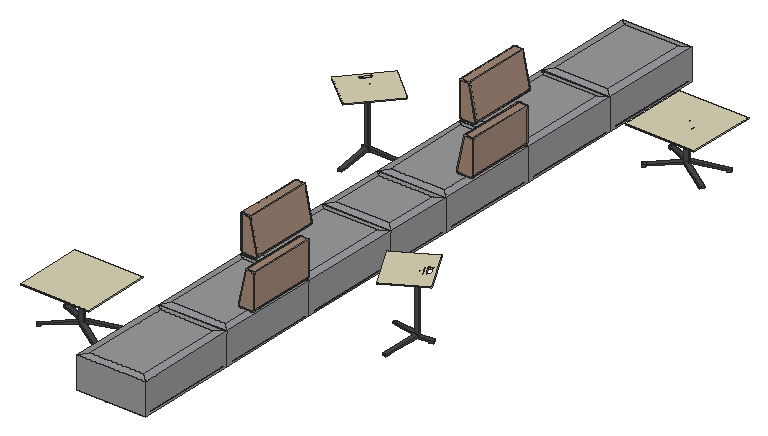
Revit family "System_Furniture-Teknion-Typical-DNA_Open_04", category Furniture Systems, Revit 2013
Parameters (values of type "DNA Open 4")
  URL = "http://teknion.com/"
  Product Page URL = "http://teknionplanningtool.com/"
  Product Line = "DNA"  # constant formula
  Model = "Open 04"  # constant formula
  Manufacturer Phone Number = "416-661-3370"  # constant formula
  Manufacturer Fax = "416.661.4586"  # constant formula
  Manufacturer Address = "1150 Flint Road, Toronto, ON. M3J 2J5. Canada"  # constant formula
  Manufacturer = "Teknion"  # constant formula
  Environmental Data = "http://www.teknion.com/about-teknion/environment/datasheets.asp"
  Description = "DNA Planning Style - Open 04"  # constant formula
  Contact Info = "http://www.teknion.com/contact/contactus.asp"
  Assembly Code = "E2020200"
  Additional Finishes = "http://www.teknion.com/fabrics-finishes/list/ff_main.html"
Reference planes (in)
  plane 1 "Center Front/Back": y = 0
  plane 2: z = 0
  plane 3 "Center Left/Right": x = 0
Dimensions and locks (in)
  aligned and locked: level to plane 2
Nested families (in)
  nested 1: "Table-Teknion-DNA_Freestanding_Coffee_Table" at (-39.99777, -93.99777, 0), type "Freestanding Square Coffee Table"
  nested 2: "Bench-Teknion-DNA_Seat_Bench_with_Bolster" at (0, 32.50109, 0) x (0, -1, 0) z (0, 0, 1), type "DNA Bench with Bolster"
    with Bolster Right no, Bolster Location 1' - 1", Bolster Left yes, Bolster Center no
  nested 3: "Table-Teknion-DNA_Laptop_Table" at (40.96765, -39.33052, 0) x (0.5, -0.866, 0) z (0, 0, 1), type "DNA Freestanding Laptop"
  nested 4: "Bench-Teknion-DNA_Seat_Bench_with_Bolster" at (0, 71.50109, 0) x (0, 1, 0) z (0, 0, 1), type "DNA Bench with Bolster"
    with Bolster Right no, Bolster Location 1' - 1", Bolster Left yes, Bolster Center no
  nested 5: "Bench-Teknion-DNA_Seat_Bench_with_Bolster" at (0, -71.50109, 0) x (0, -1, 0) z (0, 0, 1), type "DNA Bench with Bolster"
    with Bolster Right no, Bolster Location 1' - 1", Bolster Left yes, Bolster Center no
  nested 6: "Bench-Teknion-DNA_Seat_Bench_with_Bolster" at (0, -32.50109, 0) x (0, 1, 0) z (0, 0, 1), type "DNA Bench with Bolster"
    with Bolster Right no, Bolster Location 1' - 1", Bolster Left yes, Bolster Center no
  nested 7: "Bench-Teknion-DNA_Seat_Bench_with_Bolster" at (0, 110.50109, 0) x (0, -1, 0) z (0, 0, 1), type "DNA Bench"
    with Bolster Right no, Bolster Location 0' - 6 1/2", Bolster Left no, Bolster Center yes
  nested 8: "Bench-Teknion-DNA_Seat_Bench_with_Bolster" at (0, -110.50109, 0) x (0, -1, 0) z (0, 0, 1), type "DNA Bench"
    with Bolster Right no, Bolster Location 0' - 6 1/2", Bolster Left no, Bolster Center yes
  nested 9: "Table-Teknion-DNA_Laptop_Table" at (-37.17331, 39.40511, 0) x (-0.6432, -0.7657, 0) z (0, 0, 1), type "DNA Freestanding Laptop"
  nested 10: "Table-Teknion-DNA_Freestanding_Coffee_Table" at (39.99777, 93.99777, 0) x (-1, 0, 0) z (0, 0, 1), type "Freestanding Square Coffee Table"
  nested 11: "Seat-Teknion-DNA_SQ_Seat" at (0, 0, 0), type "DNA SQ Seat - Bench"
Definition of nested family "Table-Teknion-DNA_Freestanding_Coffee_Table"
  Parameters (values of type "Freestanding Square Coffee Table")
    Worksurface Finish = Flintwood - Teknion - FX - Flax
    Warranty = "http://www.teknion.com/legal/warranty.pdf"
    URL = "www.teknion.com"
    Square Top = not(Circular Top)  # yes
    Radius = 1' - 0.99777"
    Product Page URL = "http://www.teknion.com/products/seating_tables_dna/default.asp?text=3&country=us&product=dna&section=tables&subsection=casual"
    Product Name = "DNA"  # constant formula
    Product Documentation Link = "http://www.teknion.com/pricing/seating/pdfs/Teknion_dna_ppg.pdf"
    Model = if(Square Top, "NDNTS", "NDNTR")  # "NDNTS"
    Material = ""
    Manufacturer Phone Number = "416-661-3370"  # constant formula
    Manufacturer Fax = "416.661.4586 "  # constant formula
    Manufacturer Contact Information = "http://www.teknion.com/contact/contactus.asp"
    Manufacturer Address = "1150 Flint Road, Toronto, ON. M3J 2J5. Canada"  # constant formula
    Manufacturer = "Teknion"  # constant formula
    Keynote = "125000"
    Height = 1' - 4.06296"
    Environmental Data = "http://www.teknion.com/about-teknion/environment/datasheets.asp"
    Description = if(Square Top, "Freestanding Square Coffee Table", "Freestanding Round Coffee Table")  # "Freestanding Square Coffee Table"
    Circular Top = no
    Base Material = Paint - Teknion - 52 - Ebony
    Assembly Code = "E2020200"
  Types (3): name | Square Top | Model | Description | Circular Top
    (no name) | yes | "NDNTS" | "Freestanding Square Coffee Table" | no
    Freestanding Round Coffee Table | no | "NDNTR" | "Freestanding Round Coffee Table" | yes
    Freestanding Square Coffee Table | yes | "NDNTS" | "Freestanding Square Coffee Table" | no
  Reference planes (in)
    plane 1 "Center (Front/Back)": y = 0
    plane 2: z = 0
    plane 3 "Center (Left/Right)": x = 0
    plane 4 "Right": x = 12.99777
    plane 5 "Top": z = 16.06296
    plane 6: z = 15.68795
    plane 7: z = 15.43791
    plane 8: z = 1.88717
    plane 9 "Left": x = -12.99777
    plane 10 "Back": y = 12.99777
    plane 11 "Front": y = -13.00223
  Forms (in)
    Extrusion 1, solid, material "Paint - Teknion - 52 - Ebony" <- "Base Material"
      sketch origin (0, 0, 0) x (1, 0, 0) y (0, 1, 0)
        loop
          line (-0.0519, 1.39986) -> (-0.83939, 0.03117)
          arc (-0.83939, 0.03117) -> (-0.84772, 0) -> (-0.83939, -0.03117) r 0.0625
          line (-0.83939, -0.03117) -> (-0.0519, -1.39986)
          arc (-0.0519, -1.39986) -> (0, -1.42988) -> (0.0519, -1.39986) r 0.05988
          line (0.0519, -1.39986) -> (0.83939, -0.03117)
          arc (0.83939, -0.03117) -> (0.84772, 0) -> (0.83939, 0.03117) r 0.0625
          line (0.83939, 0.03117) -> (0.0519, 1.39986)
          arc (0.0519, 1.39986) -> (0, 1.42988) -> (-0.0519, 1.39986) r 0.05988
      from 1.88717 to 15.43791
    Extrusion 2, solid, material "Paint - Teknion - 52 - Ebony" <- "Base Material"
      sketch origin (0, 0, 0) x (1, 0, 0) y (0, 1, 0)
        loop
          line (-3.99773, 4) -> (-3.99773, -4) -> (4.00227, -4) -> (4.00227, 4) -> (-3.99773, 4)
      from 15.43791 to 15.68795
  Lines and regions (in)
    Masking region 1, visible <- "Circular Top"
      outline origin (0, 0, 0) x (1, 0, 0) y (0, 1, 0)
        loop
          circle (0, 0) r 13
    Masking region 2, visible <- "Square Top"
      outline origin (0, 0, 0) x (1, 0, 0) y (0, 1, 0)
        loop
          line (-12.99777, 12.99777) -> (-12.99777, -13.00223) -> (12.99777, -13.00223) -> (12.99777, 12.99777) -> (-12.99777, 12.99777)
  Dimensions and locks (in)
    "Radius": plane 4 "Right" to plane 3 "Center (Left/Right)"
    "Height": plane 5 "Top" to level
    equal spacing: plane 4 "Right", plane 3 "Center (Left/Right)", plane 9 "Left", locked at 12.99777 each
    Extrusion 2 sketch curve to plane 3 "Center (Left/Right)" to Extrusion 2 sketch curve = 0' - 3.99773" locked, 0' - 4.00227" locked
    Extrusion 2 sketch curve to plane 1 "Center (Front/Back)" to Extrusion 2 sketch curve = 0' - 4" locked, 0' - 4" locked
    plane 5 "Top" to plane 6 to plane 7 = 0' - 0 3/8" locked, 0' - 0.25005" locked
    Extrusion 1 sketch curve to Extrusion 1 sketch curve to Extrusion 1 sketch curve to Extrusion 1 sketch curve to plane 3 "Center (Left/Right)" to Extrusion 1 sketch curve to Extrusion 1 sketch curve to Extrusion 1 sketch curve to Extrusion 1 sketch curve = 0' - 0" locked, 0' - 0.78749" locked, 0' - 0" locked, 0' - 0.0519" locked, 0' - 0.0519" locked, 0' - 0" locked, 0' - 0.78749" locked, 0' - 0" locked
    Extrusion 1 sketch curve to Extrusion 1 sketch curve to Extrusion 1 sketch curve to Extrusion 1 sketch curve to plane 1 "Center (Front/Back)" to Extrusion 1 sketch curve to Extrusion 1 sketch curve to Extrusion 1 sketch curve to Extrusion 1 sketch curve = 0' - 0" locked, 0' - 1.3687" locked, 0' - 0" locked, 0' - 0.03117" locked, 0' - 0.03117" locked, 0' - 0" locked, 0' - 1.3687" locked, 0' - 0" locked
    locked: nested 5 to plane 3 "Center (Left/Right)" at 0.39481
    locked: plane 3 "Center (Left/Right)" to nested 3 at 0.39481
    locked: plane 3 "Center (Left/Right)" to nested 4 at 0.39481
    locked: nested 2 to plane 3 "Center (Left/Right)" at 0.39481
    locked: plane 8 to plane 2 at 1.88717
    locked: plane 4 "Right" to Masking region 1 sketch curve at 0.00223
    locked: plane 10 "Back" to Masking region 1 sketch curve at 0.00223
    locked: plane 1 "Center (Front/Back)" to nested 5 (angle 29.9144°)
    locked: nested 3 to plane 1 "Center (Front/Back)" (angle 29.9144°)
    locked: nested 4 to plane 1 "Center (Front/Back)" (angle 29.9144°)
    locked: plane 1 "Center (Front/Back)" to nested 2 (angle 29.9144°)
    aligned and locked: plane 6 to Extrusion 2
    aligned and locked: Extrusion 2 to plane 7
    aligned and locked: plane 7 to Extrusion 1
    aligned and locked: Extrusion 1 to plane 8
    aligned and locked: plane 3 "Center (Left/Right)" to nested 1
    aligned and locked: plane 6 to nested 1
    aligned and locked: plane 1 "Center (Front/Back)" to nested 1
    aligned and locked: nested 2 to plane 2
    aligned and locked: plane 2 to nested 4
    aligned and locked: plane 2 to nested 3
    aligned and locked: nested 5 to plane 2
    aligned and locked: plane 10 "Back" to Masking region 2 sketch curve
    aligned and locked: plane 9 "Left" to Masking region 2 sketch curve
    aligned and locked: Masking region 2 sketch curve to plane 11 "Front"
    aligned and locked: Masking region 2 sketch curve to plane 4 "Right"
  Automatic sketch dimensions
    Extrusion 1 sketch curve to Extrusion 1 sketch curve = 0' - 0.05417"  (x2)
    Extrusion 1 sketch curve to Extrusion 1 sketch curve = 0' - 0.02986"  (x2)
    plane 1 "Center (Front/Back)" to Masking region 1 sketch curve = 0' - 0"
  Nested families (in)
    nested 1: "DNA Table Top" at (0, 0, 15.68795), type "DNA Table Top"
      with Circular Top no
    nested 2: "DNA Table Legs" at (-0.44721, -0.7128, 0) x (0.8668, 0.4987, 0) z (0, 0, 1), Teknion - Base <- "Base Material", type "DNA Table Legs"
      with Teknion - Base Paint - Teknion - 52 - Ebony
    nested 3: "DNA Table Legs" at (0.44721, -0.7128, 0) x (-0.8668, 0.4987, 0) z (0, 0, 1), Teknion - Base <- "Base Material", type "DNA Table Legs"
      with Teknion - Base Paint - Teknion - 52 - Ebony
    nested 4: "DNA Table Legs" at (-0.44721, 0.7128, 0) x (0.8668, -0.4987, 0) z (0, 0, 1), Teknion - Base <- "Base Material", type "DNA Table Legs"
      with Teknion - Base Paint - Teknion - 52 - Ebony
    nested 5: "DNA Table Legs" at (0.44721, 0.7128, 0) x (-0.8668, -0.4987, 0) z (0, 0, 1), Teknion - Base <- "Base Material", type "DNA Table Legs"
      with Teknion - Base Paint - Teknion - 52 - Ebony
  Definition of nested family "DNA Table Top"
    Parameters (values of type "DNA Table Top")
      Table Top = none
      Square Top = yes
      Circular Top = yes
    Reference planes (in)
      plane 1 "Center (Front/Back)": y = 0
      plane 2: z = 0
      plane 3 "Center (Left/Right)": x = 0
      plane 4: z = 0.375
    Forms (in)
      Extrusion 1, solid, material <- "Table Top", visible <- "Circular Top"
        sketch origin (0, 0, 0) x (1, 0, 0) y (0, 1, 0)
          loop
            circle (0, 0) r 13
        from 0 to 0.375
      Extrusion 2, solid, material <- "Table Top", visible <- "Square Top"
        sketch origin (0, 0, 0) x (1, 0, 0) y (0, 1, 0)
          loop
            line (-13, 13) -> (-13, -12.99999) -> (13, -12.99999) -> (13, 13) -> (-13, 13)
        from 0 to 0.375
    Dimensions and locks (in)
      locked: plane 4 to plane 2 at 0.375
      aligned and locked: plane 2 to level
      aligned and locked: Extrusion 1 to plane 2
      aligned and locked: plane 4 to Extrusion 1
      aligned and locked: Extrusion 2 to plane 2
      aligned and locked: plane 4 to Extrusion 2
  Definition of nested family "DNA Table Legs"
    Parameters (values of type "DNA Table Legs")
      Teknion - Base [instance] = none
      Assembly Code = ""
    Reference planes (in)
      plane 1 "Center (Front/Back)": y = 0
      plane 2: z = 0
      plane 3 "Center (Left/Right)": x = 0
    Forms (in)
      Extrusion 1, solid, material <- "Teknion - Base"
        sketch origin (12.13224, -11.193, 0.02526) x (-1, 0, 0) y (0, 0, 1)
          loop
            line (12.13224, 2.77134) -> (12.13224, 1.86192) -> (23.56659, 0.36249) -> (23.56659, -0.02526) -> (24.88023, -0.02526) -> (24.88023, 0.53152)
            arc (24.88023, 0.53152) -> (24.85885, 0.58252) -> (24.81053, 0.60943) r 0.08464
            line (24.81053, 0.60943) -> (12.13224, 2.77134)
        from 10.40659 to 11.9794
Definition of nested family "Bench-Teknion-DNA_Seat_Bench_with_Bolster"
  Parameters (values of type "DNA Bench")
    Width = 3' - 3"
    Warranty = ""
    Seat Upholstery = Fabric - Teknion - S610 - Saturate Quarry
    URL = "www.teknion.com"
    Product Page URL = "http://www.teknion.com/products/seating_tables_dna/default.asp?text=2&country=us&product=dna&section=seating&subsection=soft"
    Product Name = "DNA"  # constant formula
    Product Documentation Link = "http://www.teknion.com/pricing/seating/pdfs/Teknion_dna_ppg.pdf"
    Model = if(Bolster, "NDNB", "NDNA")  # "NDNA"
    Material = ""
    Manufacturer Phone Number = ""
    Manufacturer Fax = ""
    Manufacturer Contact Information = ""
    Manufacturer Address = "1150 Flint Road, Toronto, ON. M3J 2J5. Canada"  # constant formula
    Manufacturer = "Teknion"  # constant formula
    Keynote = "125000"
    Height = 1' - 4 1/2"  # constant formula
    Environmental Data = ""
    Description = "Bench"  # constant formula
    Depth = 2' - 2"  # constant formula
    Bolster Upholstery = Fabric - Teknion - E504 - Fundamentals
    Bolster Right [instance] = no
    Bolster Location [instance] = if(Bolster Right, 0' 0", if(Bolster Left, 1' 1", if(Bolster Center, 0' 6 1/2", 0' 0")))  # 0' - 6 1/2"
    Bolster Left [instance] = no
    Bolster Center [instance] = yes
    Bolster = no
    Base Material = Paint - Teknion - 52 - Ebony
    Base Height = 0' - 4"
    Assembly Code = "E2020200"
  Types (3): name | Warranty | Model | Manufacturer Phone Number | Manufacturer Fax | Manufacturer Contact Information | Environmental Data | Bolster | Base Material
    (no name) | "" | "NDNA" | "" | "" | "" | "" | no | Paint - Teknion - 52 - Ebony
    DNA Bench | "" | "NDNA" | "" | "" | "" | "" | no | Paint - Teknion - 52 - Ebony
    DNA Bench with Bolster | "http://www.teknion.com/legal/warranty.pdf" | "NDNB" | "416-661-3370" | "416.661.4586" | "http://www.teknion.com/contact/contactus.asp" | "http://www.teknion.com/about-teknion/environment/datasheets.asp" | yes | none
  Reference planes (in)
    plane 1 "Center (Front/Back)": y = 0
    plane 2: z = 0
    plane 3 "Center (Left/Right)": x = 0
    plane 4: x = -19.5
    plane 5: x = 19.5
    plane 6: z = 4
    plane 7: z = 16.5
    plane 8: y = 13
    plane 9: y = -13
    plane 10: x = -6.79751
    plane 11: z = 0.5
    plane 12: x = 13
  Forms (in)
    Extrusion 1, solid, material "Paint - Teknion - 52 - Ebony" <- "Base Material"
      sketch origin (0, 0, 0) x (1, 0, 0) y (0, 1, 0)
        loop
          circle (-13, 6.5) r 1
        loop
          circle (13, 6.5) r 1
        loop
          circle (13, -6.50991) r 1
        loop
          circle (-13, -6.50991) r 1
      from 0 to 0.5
    Sweep 2, solid, material "Fabric - Teknion - S610 - Saturate Quarry" <- "Seat Upholstery"
      path origin (-44.2712, -180, 16.5) x (-1, 0, 0) y (0, -1, 0)
        loop
          line (-24.7712, -193) -> (-24.7712, -167) -> (-63.7712, -167) -> (-63.7712, -193) -> (-24.7712, -193)
      profile origin (0, 13, 16.5) x (0, 1, 0) y (0, 0, 1)
        loop
          line (-2.74891, 0) -> (-3, 0) -> (-3, -12.5) -> (0, -12.5) -> (0, -0.4998) -> (-2.74891, 0)
    Extrusion 3, solid, material "Fabric - Teknion - S610 - Saturate Quarry" <- "Seat Upholstery"
      sketch origin (0, 0, 0) x (1, 0, 0) y (0, 1, 0)
        loop
          line (-16.49778, 10) -> (-16.49778, -9.99891) -> (16.49891, -9.99891) -> (16.49891, 10) -> (-16.49778, 10)
      from 4 to 16.5
    SweptBlend 4, solid, material "Paint - Teknion - 52 - Ebony" <- "Base Material"
      path origin (0, 0, 0) x (1, 0, 0) y (0, 0, 1)
        loop
          line (0, 4) -> (0, 0.5)
      profile origin (0, 0, 4) x (0, -1, 0) y (1, 0, 0)
        loop
          line (-12.125, -18.625) -> (12.125, -18.625) -> (12.125, 18.625) -> (-12.125, 18.625) -> (-12.125, -18.625)
      end profile origin (0, 0, 0.5) x (0, -1, 0) y (1, 0, 0)
        loop
          line (-8.25, -14.75) -> (8.25991, -14.75) -> (8.25991, 14.75) -> (-8.25, 14.75) -> (-8.25, -14.75)
  Cuts and joins
    joined: Sweep 2, Extrusion 3
  Lines and regions (in)
    Masking region 1
      outline origin (0, 0, 0) x (1, 0, 0) y (0, 1, 0)
        loop
          line (-19.5, 13) -> (-19.5, -13) -> (19.5, -13) -> (19.5, 13) -> (-19.5, 13)
    Masking region 2, visible <- "Bolster"
      outline origin (0, 0, 0) x (1, 0, 0) y (0, 1, 0)
        loop
          line (-13, 12.75139) -> (-13, 6.96199) -> (13, 6.96199) -> (13, 12.75139) -> (-13, 12.75139)
  Dimensions and locks (in)
    equal spacing: plane 4, plane 3 "Center (Left/Right)", plane 5
    "Width": plane 4 to plane 5
    "Height": plane 7 to level
    equal spacing: plane 8, plane 1 "Center (Front/Back)", plane 9, locked at 13 each
    "Depth": plane 8 to plane 9
    plane 6 to plane 11 to plane 2 = 0' - 3 1/2" locked, 0' - 0 1/2" locked
    locked: plane 7 to Sweep 2 sketch curve at 0.4998
    plane 8 to Sweep 2 sketch curve to Sweep 2 sketch curve = 0' - 2.74891" locked, 0' - 0.25109" locked
    locked: Extrusion 3 sketch curve to plane 5 at 3.00109
    locked: plane 4 to Extrusion 3 sketch curve at 3.00222
    locked: plane 8 to Extrusion 3 sketch curve at 3
    locked: Extrusion 3 sketch curve to plane 9 at 3.00109
    Extrusion 1 sketch curve to Extrusion 1 sketch curve to plane 3 "Center (Left/Right)" to Extrusion 1 sketch curve to Extrusion 1 sketch curve = 0' - 0" locked, 1' - 1" locked, 1' - 1" locked, 0' - 0" locked
    Extrusion 1 sketch curve to Extrusion 1 sketch curve to plane 1 "Center (Front/Back)" to Extrusion 1 sketch curve to Extrusion 1 sketch curve = 0' - 0" locked, 0' - 6.50991" locked, 0' - 6 1/2" locked, 0' - 0" locked
    locked: SweptBlend 4 sketch curve to plane 9 at 0.875
    locked: plane 8 to SweptBlend 4 sketch curve at 0.875
    locked: plane 8 to SweptBlend 4 sketch curve at 4.75
    locked: SweptBlend 4 sketch curve to plane 9 at 4.74009
    "Bolster Location": plane 5 to plane 12
    plane 8 to Masking region 2 sketch curve to Masking region 2 sketch curve = 0' - 0.24861" locked, 0' - 5.78939" locked
    locked: Masking region 2 sketch curve to plane 12 at 26
    aligned and locked: plane 8 to Sweep 2 sketch curve
    aligned and locked: Sweep 2 sketch curve to plane 6
    aligned and locked: plane 7 to Extrusion 3
    aligned and locked: Extrusion 3 to plane 6
    aligned and locked: Extrusion 1 to plane 11
    aligned and locked: Extrusion 1 to plane 2
    aligned and locked: plane 11 to SweptBlend 4 sketch curve
    aligned and locked: plane 6 to SweptBlend 4 sketch curve
    aligned and locked: Masking region 1 sketch curve to cut or joined group of Sweep 2, Extrusion 3  (x4)
    aligned and locked: plane 7 to nested 1
    aligned and locked: nested 1 to plane 8
    aligned and locked: nested 1 to plane 12
    aligned and locked: Sweep 2 sketch curve to plane 5
    aligned and locked: plane 4 to Sweep 2 sketch curve
    aligned and locked: Sweep 2 sketch curve to plane 8
    aligned and locked: plane 9 to Sweep 2 sketch curve
    aligned and locked: SweptBlend 4 sketch curve to plane 3 "Center (Left/Right)"
    aligned and locked: plane 12 to Masking region 2 sketch curve
  Automatic sketch dimensions
    Sweep 2 sketch curve to plane 7 = 0' - 0"
    SweptBlend 4 sketch curve to profile plane = 1' - 6 5/8"
    SweptBlend 4 sketch curve to profile plane = 1' - 2 3/4"
    profile plane to SweptBlend 4 sketch curve = 1' - 6 5/8"
    profile plane to SweptBlend 4 sketch curve = 1' - 2 3/4"
    radius of Extrusion 1 sketch curve = 0' - 1"  (x4)
  Nested families (in)
    nested 1: "DNA Bolster" at (0, 13, 16.5), Bolster <- "Bolster", type "Bolster"
      with Bolster no
Definition of nested family "Table-Teknion-DNA_Laptop_Table"
  Parameters (values of type "DNA Freestanding Laptop")
    Width = 1' - 7.68504"
    Warranty = "http://www.teknion.com/legal/warranty.pdf"
    URL = "www.teknion.com"
    Type Comments = "DNA Table"
    Table Top Material = Flintwood - Teknion - FX - Flax
    Product Page URL = "http://www.teknion.com/products/seating_tables_dna/default.asp?text=3&country=us&product=dna&section=tables&subsection=casual"
    Product Name = "DNA"
    Product Documentation Link = "http://www.teknion.com/products/brochures/dna_ENG.pdf"
    Model = "NDNL"
    Material = ""
    Manufacturer Phone Number = "416-661-3370"  # constant formula
    Manufacturer Fax = "416.661.4586"  # constant formula
    Manufacturer Contact Information = "http://www.teknion.com/contact/contactus.asp"
    Manufacturer Address = "1150 Flint Road, Toronto, ON. M3J 2J5. Canada"  # constant formula
    Manufacturer = "Teknion"  # constant formula
    Keynote = "125000"
    Height = 2' - 0.34325"
    Foot Finish = Paint - Teknion - 52 - Ebony
    Environmental Data = "http://www.teknion.com/about-teknion/environment/datasheets.asp"
    Description = "DNA Freestanding Laptop"  # constant formula
    Depth = 1' - 4 125/256"
    Assembly Code = "E2020200"
  Reference planes (in)
    plane 1 "Center (Front/Back)": y = 0
    plane 2: z = 0
    plane 3 "Center (Left/Right)": x = 0
    plane 4: x = -9.84252
    plane 5: x = 9.84252
    plane 6 "Back": y = 8.24414
    plane 7 "Front": y = -8.24414
    plane 8: y = 7.10241
    plane 9: y = 5.44887
    plane 10: x = -2.01756
    plane 11 "Top": z = 24.33158
    plane 12: z = 23.63913
    plane 13: z = 23.95658
  Lines and regions (in)
    Masking region 1
      outline origin (0, 0, -0.01167) x (1, 0, 0) y (0, 1, 0)
        loop
          line (-9.84252, 8.24414) -> (-9.84252, -8.24414) -> (9.84252, -8.24414) -> (9.84252, 8.24414) -> (-9.84252, 8.24414)
        loop
          arc (-1.72819, 7.10241) -> (-1.93281, 7.01765) -> (-2.01756, 6.81304) r 0.28937
          line (-2.01756, 6.81304) -> (-2.01756, 5.73824)
          arc (-2.01756, 5.73824) -> (-1.9328, 5.53362) -> (-1.72819, 5.44887) r 0.28937
          line (-1.72819, 5.44887) -> (1.70882, 5.44887)
          arc (1.70882, 5.44887) -> (1.91343, 5.53362) -> (1.99819, 5.73824) r 0.28937
          line (1.99819, 5.73824) -> (1.99819, 6.81304)
          arc (1.99819, 6.81304) -> (1.91343, 7.01765) -> (1.70882, 7.10241) r 0.28937
          line (1.70882, 7.10241) -> (-1.72819, 7.10241)
    Masking region 2, detail levels fine
      outline origin (0, 0, -0.01167) x (1, 0, 0) y (0, 1, 0)
        loop
          line (-9.84252, -4.51686) -> (-10.74523, -5.28054) -> (-9.84252, -6.34759) -> (-9.84252, -4.51686)
        loop
          line (9.84252, -4.51686) -> (9.84252, -6.34759) -> (10.74523, -5.28054) -> (9.84252, -4.51686)
  Dimensions and locks (in)
    "Width": plane 4 to plane 5
    equal spacing: plane 4, plane 3 "Center (Left/Right)", plane 5, locked at 9.84252 each
    "Depth": plane 6 "Back" to plane 7 "Front"
    equal spacing: plane 6 "Back", plane 1 "Center (Front/Back)", plane 7 "Front", locked at 8.24414 each
    locked: plane 6 "Back" to plane 8 at 1.14173
    locked: plane 8 to plane 9 at 1.65354
    locked: plane 4 to plane 10 at 7.82496
    "Height": plane 11 "Top" to level
    locked: plane 11 "Top" to plane 13 at 0.375
    locked: plane 13 to plane 12 at 0.31745
    aligned: plane 1 "Center (Front/Back)" to nested 1
    aligned and locked: plane 3 "Center (Left/Right)" to nested 1
    aligned and locked: plane 4 to nested 1
    aligned and locked: plane 5 to nested 1
    aligned and locked: plane 6 "Back" to nested 1
    aligned: plane 7 "Front" to nested 1
    aligned and locked: plane 8 to nested 1
    aligned and locked: plane 10 to nested 1
    aligned and locked: plane 11 "Top" to nested 1
    aligned and locked: nested 2 to nested 1
    aligned and locked: nested 1 to nested 2
    aligned and locked: nested 2 to plane 2
    aligned and locked: nested 1 to plane 11 "Top"
    aligned and locked: plane 12 to nested 2
    aligned and locked: plane 13 to nested 1
  Automatic sketch dimensions
    Masking region 1 sketch curve to plane 4 = 0' - 0"
    Masking region 1 sketch curve to plane 5 = 0' - 0"
    Masking region 1 sketch curve to plane 7 "Front" = 0' - 0"
    Masking region 1 sketch curve to plane 6 "Back" = 0' - 0"
    Masking region 1 sketch curve to plane 10 = 0' - 0"
    Masking region 1 sketch curve to plane 8 = 0' - 0"
    Masking region 1 sketch curve to Masking region 1 sketch curve = 0' - 0.28937"  (x2)
    plane 3 "Center (Left/Right)" to Masking region 1 sketch curve = 0' - 1.70882"
    plane 9 to Masking region 1 sketch curve = 0' - 0.28937"
    Masking region 1 sketch curve to plane 9 = 0' - 0"
    Masking region 1 sketch curve to Masking region 1 sketch curve = 0' - 0"
    Masking region 2 sketch curve to plane 4 = 0' - 0"
    Masking region 2 sketch curve to plane 5 = 0' - 0"
    Masking region 2 sketch curve to plane 4 = 0' - 0.90271"
    plane 5 to Masking region 2 sketch curve = 0' - 0.90271"
    plane 1 "Center (Front/Back)" to Masking region 2 sketch curve = 0' - 4.51686"  (x2)
    Masking region 2 sketch curve to Masking region 2 sketch curve = 0' - 0.76368"  (x2)
  Nested families (in)
    nested 1: "DNA Laptop Table - Top" at (0, -0.04715, 0.00583), Table Top Finish <- "Table Top Material", type "DNA Laptop Table - Top"
      with Table Top Finish Flintwood - Teknion - FX - Flax
    nested 2: "DNA Laptop Table - Legs" at (0, -0.04715, 0.00583), Post <- "Foot Finish", type "DNA Laptop Table - Legs"
      with Post Paint - Teknion - 52 - Ebony
  Definition of nested family "DNA Laptop Table - Top"
    Parameters (values of type "DNA Laptop Table - Top")
      Table Top Finish [instance] = none
      Assembly Code = ""
    Reference planes (in)
      plane 1 "Center (Front/Back)": y = 0
      plane 2: z = 0
      plane 3 "Center (Left/Right)": x = 0
    Forms (in)
      Extrusion 1, solid, material <- "Table Top Finish"
        sketch origin (-0.00969, 0, 0) x (1, 0, 0) y (0, 1, 0)
          loop
            arc (-9.63598, 8.29129) -> (-9.77518, 8.23364) -> (-9.83283, 8.09444) r 0.19685
            line (-9.83283, 8.09444) -> (-9.83283, -8.04729)
            arc (-9.83283, -8.04729) -> (-9.77518, -8.18649) -> (-9.63598, -8.24414) r 0.19685
            line (-9.63598, -8.24414) -> (9.65563, -8.24414)
            arc (9.65563, -8.24414) -> (9.79463, -8.18657) -> (9.85221, -8.04757) r 0.19658
            line (9.85221, -8.04757) -> (9.85221, 8.09561)
            arc (9.85221, 8.09561) -> (9.79489, 8.23398) -> (9.65653, 8.29129) r 0.19568
            line (9.65653, 8.29129) -> (-9.63598, 8.29129)
          loop
            arc (-1.7185, 7.14956) -> (-1.92312, 7.0648) -> (-2.00787, 6.86019) r 0.28937
            line (-2.00787, 6.86019) -> (-2.00787, 5.78539)
            arc (-2.00787, 5.78539) -> (-1.92312, 5.58077) -> (-1.7185, 5.49602) r 0.28937
            line (-1.7185, 5.49602) -> (1.7185, 5.49602)
            arc (1.7185, 5.49602) -> (1.92312, 5.58077) -> (2.00787, 5.78539) r 0.28937
            line (2.00787, 5.78539) -> (2.00787, 6.86019)
            arc (2.00787, 6.86019) -> (1.92312, 7.0648) -> (1.7185, 7.14956) r 0.28937
            line (1.7185, 7.14956) -> (-1.7185, 7.14956)
        from 23.95075 to 24.32575
  Definition of nested family "DNA Laptop Table - Legs"
    Parameters (values of type "DNA Laptop Table - Legs")
      Post [instance] = none
      Assembly Code = ""
    Reference planes (in)
      plane 1 "Center (Front/Back)": y = 0
      plane 2: z = 0
      plane 3 "Center (Left/Right)": x = 0
      plane 4 "Legs Parallel": through (6.72118, -0.49407, 48) normal (0.6459, 0.7634, 0)
      plane 5 "Legs Perp": through (13.10352, -5.93494, 48) normal (-0.766, 0.6428, 0)
    Forms (in)
      Extrusion 1, solid, material <- "Post"
        sketch origin (0, 0, 21.44636) x (-1, 0, 0) y (0, -1, 0)
          loop
            line (2.17556, -4.46095) -> (2.17557, -0.10964) -> (-2.17246, -0.10964) -> (-2.17245, -4.46093) -> (2.17556, -4.46095)
        from 2.18693 to 2.50438
      Extrusion 2, solid, material <- "Post"
        sketch origin (0, 0, 21.44636) x (-1, 0, 0) y (0, -1, 0)
          loop
            line (0.81174, -3.07019) -> (0.03947, -1.73258)
            arc (0.03947, -1.73258) -> (0.00631, -1.71343) -> (-0.02685, -1.73258) r 0.03829
            line (-0.02685, -1.73258) -> (-0.81246, -3.09328) -> (-0.81246, -3.16544) -> (0.81174, -3.16544) -> (0.81174, -3.07019)
        from -19.64277 to 2.18693
      Extrusion 3, solid, material <- "Post"
        sketch origin (-2.5601, 3.02616, 0) x (0.763448, 0.645869, 0) y (0, 0, -1)
          loop
            line (1.36322, -2.63705) -> (1.36322, -1.79508) -> (-10.00274, -0.22235) -> (-10.0147, 0.00583) -> (-11.58351, 0.00583) -> (-11.58351, -0.38567)
            arc (-11.58351, -0.38567) -> (-11.56217, -0.42041) -> (-11.52551, -0.43824) r 0.07284
            line (-11.52551, -0.43824) -> (1.36322, -2.63705)
        from -2.60077 to -1.01922
      Extrusion 4, solid, material <- "Post"
        sketch origin (0, 0, 0) x (0, 1, 0) y (0, 0, 1)
          loop
            line (1.71019, 1.66224) -> (1.71019, 1.4681) -> (6.15639, 0.32872) -> (6.15639, -0.00583) -> (7.46558, -0.00583)
            arc (7.46558, -0.00583) -> (7.4906, -0.00437) -> (7.51528, 0) r 0.21459
            line (7.51528, 0) -> (7.51528, 0.52619)
            arc (7.51528, 0.52619) -> (7.49969, 0.57321) -> (7.4591, 0.6016) r 0.0787
            line (7.4591, 0.6016) -> (2.90659, 1.96119) -> (1.71019, 1.66224)
        from -0.8141 to 0.81246
      Extrusion 5, solid, material <- "Post"
        sketch origin (2.5601, 3.02616, 0) x (-0.763448, 0.645869, 0) y (0, 0, 1)
          loop
            line (1.33078, 2.63152) -> (-11.52551, 0.43824)
            arc (-11.52551, 0.43824) -> (-11.56217, 0.42041) -> (-11.58351, 0.38567) r 0.07284
            line (-11.58351, 0.38567) -> (-11.58351, -0.00583) -> (-10.0147, -0.00583) -> (-10.00274, 0.22235) -> (1.33078, 1.7906) -> (1.33078, 2.63152)
        from -2.60077 to -1.01922
    Cuts and joins
      joined: Extrusion 1, Extrusion 2
    Dimensions and locks (in)
      aligned and locked: cut or joined group of Extrusion 1, Extrusion 2 to Extrusion 4
Definition of nested family "Seat-Teknion-DNA_SQ_Seat"
  Parameters (values of type "DNA SQ Seat - Bench")
    Width = 2' - 2"
    Warranty = "http://www.teknion.com/legal/warranty.pdf"
    URL = "www.teknion.com"
    Seat Material = Fabric - Teknion - S610 - Saturate Quarry
    Product Page URL = "http://www.teknion.com/products/seating_tables_dna/default.asp?text=2&country=us&product=dna&section=seating&subsection=soft"
    Product Name = "DNA"  # constant formula
    Product Documentation Link = "http://www.teknion.com/products/brochures/dna_ENG.pdf"
    Model = "NDNS"
    Material = ""
    Manufacturer Phone Number = "416-661-3370"  # constant formula
    Manufacturer Fax = "416.661.4586"  # constant formula
    Manufacturer Contact Information = "http://www.teknion.com/contact/contactus.asp"
    Manufacturer Address = "1150 Flint Road, Toronto, ON. M3J 2J5. Canada"  # constant formula
    Manufacturer = "Teknion"  # constant formula
    Keynote = "125000"
    Height = 1' - 4 1/2"  # constant formula
    Environmental Data = "http://www.teknion.com/legal/warranty.pdf"
    Description = "DNA SQ Seat - Bench"  # constant formula
    Depth = 2' - 2"  # constant formula
    Base Material = Paint - Teknion - 52 - Ebony
    Base Height = 0' - 4"
    Assembly Code = "E2020200"
  Reference planes (in)
    plane 1 "Center (Front/Back)": y = 0
    plane 2: z = 0
    plane 3 "Center (Left/Right)": x = 0
    plane 4 "Left": x = -13
    plane 5 "Right": x = 13
    plane 6: z = 4
    plane 7 "Top": z = 16.5
    plane 8 "Back": y = 13
    plane 9 "Front": y = -13
  Forms (in)
    Extrusion 1, solid, material "Fabric - Teknion - S610 - Saturate Quarry" <- "Seat Material"
      sketch origin (-6.48682, -1.03944, 4.54207) x (0, 1, 0) y (0, 0, 1)
        loop
          line (14.03944, -0.54207) -> (14.03944, 11.45793) -> (-11.96056, 11.45793) -> (-11.96056, -0.54207) -> (14.03944, -0.54207)
      from -6.51318 to 19.48682
    Extrusion 2, solid, material "Fabric - Teknion - S610 - Saturate Quarry" <- "Seat Material"
      sketch origin (0, 0.24147, 0.0004) x (0, 1, 0) y (0, 0, 1)
        loop
          line (12.75853, 16) -> (10.00853, 16.5) -> (-10.49147, 16.5) -> (-13.24147, 16) -> (12.75853, 16)
      from -13 to 13
    Extrusion 3, void
      sketch origin (12, 0, 0) x (1, 0, 0) y (0, 0, 1)
        loop
          line (-1.75, 16.5) -> (1, 16) -> (1, 16.5) -> (-1.75, 16.5)
      from -13 to 13
    Extrusion 4, void
      sketch origin (-13.0795, 0, 0) x (1, 0, 0) y (0, 0, 1)
        loop
          line (0.0795, 16) -> (2.8295, 16.5) -> (0.0795, 16.5) -> (0.0795, 16)
      from -13 to 13
    Extrusion 5, solid, material "Paint - Teknion - 52 - Ebony" <- "Base Material"
      sketch origin (0, 0, 0) x (1, 0, 0) y (0, 1, 0)
        loop
          circle (-6.5, 6.5) r 1
        loop
          circle (6.5, 6.5) r 1
        loop
          circle (6.5, -6.50991) r 1
        loop
          circle (-6.5, -6.50991) r 1
      from 0 to 0.5
    Blend 6, solid, material "Paint - Teknion - 52 - Ebony" <- "Base Material"
      base sketch origin (0, 0, 0) x (1, 0, 0) y (0, 1, 0)
        loop
          line (-8.25, 8.25) -> (-8.25, -8.25991) -> (8.25, -8.25991) -> (8.25, 8.25) -> (-8.25, 8.25)
      top sketch origin (0, 0, 0) x (1, 0, 0) y (0, 1, 0)
        loop
          line (-12.125, 12.125) -> (-12.125, -12.125) -> (12.125, -12.125) -> (12.125, 12.125) -> (-12.125, 12.125)
      from 0.5 to 4
  Cuts and joins
    Extrusion 3, Extrusion 4 cuts Extrusion 1
    Extrusion 3, Extrusion 4 cuts Extrusion 2
    joined: Extrusion 1, Extrusion 2
  Lines and regions (in)
    Masking region 1
      outline origin (0, 0, 0) x (1, 0, 0) y (0, 1, 0)
        loop
          line (-13, 13) -> (-13, -13.00109) -> (12.99887, -13.00109) -> (12.99887, 13) -> (-13, 13)
    symbolic lines, detail levels fine
      curve 1: line (-12.99887, 13.00109, 0) -> (-10.24778, 10.25, 0)
      curve 2: line (10.24778, 10.25, 0) -> (12.99887, 13.00109, 0)
      curve 3: line (-10.24778, -10.25, 0) -> (-12.99887, -13.00109, 0)
      curve 4: line (12.99887, -13.00109, 0) -> (10.24778, -10.25, 0)
    symbolic lines, detail levels medium+fine
      curve 5: line (-10.24778, 10.25, 0) -> (10.24778, 10.25, 0)
      curve 6: line (-10.24778, -10.25, 0) -> (-10.24778, 10.25, 0)
      curve 7: line (10.24778, -10.25, 0) -> (-10.24778, -10.25, 0)
      curve 8: line (10.24778, 10.25, 0) -> (10.24778, -10.25, 0)
  Dimensions and locks (in)
    equal spacing: plane 4 "Left", plane 3 "Center (Left/Right)", plane 5 "Right"
    "Width": plane 4 "Left" to plane 5 "Right"
    "Base Height": plane 6 to level
    "Height": plane 7 "Top" to level
    equal spacing: plane 8 "Back", plane 1 "Center (Front/Back)", plane 9 "Front"
    "Depth": plane 8 "Back" to plane 9 "Front"
    locked: plane 8 "Back" to Blend 6 sketch curve at 4.75
    locked: Blend 6 sketch curve to plane 9 "Front" at 4.74009
    locked: plane 4 "Left" to Blend 6 sketch curve at 4.75
    locked: Blend 6 sketch curve to plane 5 "Right" at 4.75
    locked: plane 8 "Back" to Blend 6 sketch curve at 0.875
    locked: Blend 6 sketch curve to plane 9 "Front" at 0.875
    locked: plane 4 "Left" to Blend 6 sketch curve at 0.875
    locked: Blend 6 sketch curve to plane 5 "Right" at 0.875
    locked: Blend 6 to Extrusion 5 sketch curve at 1.75  (x2)
    locked: Extrusion 5 sketch curve to Blend 6 at 1.75  (x6)
    plane 6 to Extrusion 1 sketch curve = 1' - 0"
    cut or joined group of Extrusion 1, Extrusion 2, Extrusion 3, Extrusion 4 to plane 1 "Center (Front/Back)" = 1' - 1"
    plane 1 "Center (Front/Back)" to cut or joined group of Extrusion 1, Extrusion 2, Extrusion 3, Extrusion 4 = 1' - 1"
    Extrusion 1 sketch curve to plane 1 "Center (Front/Back)" to Extrusion 1 sketch curve = 1' - 1" locked, 1' - 1" locked  (x2)
    locked: Extrusion 1 sketch curve to plane 6 at 12
    Extrusion 2 sketch curve to plane 1 "Center (Front/Back)" to Extrusion 2 sketch curve = 1' - 1" locked, 1' - 1" locked
    Extrusion 2 sketch curve to Extrusion 2 sketch curve to plane 6 = 0' - 0 1/2" locked, 1' - 0.0004" locked
    plane 6 to Extrusion 3 sketch curve to Extrusion 3 sketch curve to Extrusion 3 sketch curve = 1' - 0" locked, 0' - 0 1/2" locked, 0' - 0" locked
    locked: Extrusion 3 sketch curve to plane 3 "Center (Left/Right)" at 13
    plane 6 to Extrusion 4 sketch curve to Extrusion 4 sketch curve to Extrusion 4 sketch curve = 1' - 0" locked, 0' - 0 1/2" locked, 0' - 0" locked
    locked: plane 3 "Center (Left/Right)" to Extrusion 4 sketch curve at 13
    plane 6 to Extrusion 4 sketch curve = 1' - 0 1/2"
    aligned and locked: Extrusion 1 to plane 4 "Left"
    aligned and locked: plane 5 "Right" to Extrusion 1
    aligned and locked: plane 5 "Right" to cut or joined group of Extrusion 1, Extrusion 2, Extrusion 3, Extrusion 4
    aligned and locked: Extrusion 2 to Extrusion 1
    aligned and locked: Extrusion 1 to plane 9 "Front"
    aligned and locked: plane 8 "Back" to Extrusion 1
    aligned and locked: Extrusion 1 to Extrusion 3  (x2)
    aligned and locked: Extrusion 4 to Extrusion 1
    aligned and locked: Extrusion 1 to Extrusion 4
  Automatic sketch dimensions
    Extrusion 2 sketch curve to Extrusion 2 sketch curve = 0' - 2 3/4"  (x2)
    Extrusion 3 sketch curve to Extrusion 3 sketch curve = 0' - 2 3/4"
    Extrusion 4 sketch curve to Extrusion 4 sketch curve = 0' - 2 3/4"
    Extrusion 1 sketch curve to plane 6 = 0' - 0"
    Masking region 1 sketch curve to plane 4 "Left" = 0' - 0"
    Masking region 1 sketch curve to plane 8 "Back" = 0' - 0"
    Masking region 1 sketch curve to plane 5 "Right" = 0' - 0.00113"
    Masking region 1 sketch curve to plane 9 "Front" = 0' - 0.00109"
    plane 4 "Left" to curve 3 = 0' - 2.75222"
    plane 4 "Left" to curve 3 = 0' - 0.00113"
    plane 4 "Left" to curve 1 = 0' - 0.00113"
    curve 5 to plane 5 "Right" = 0' - 2.75222"
    curve 4 to plane 5 "Right" = 0' - 0.00113"
    curve 2 to plane 5 "Right" = 0' - 0.00113"
    plane 9 "Front" to curve 3 = 0' - 2 3/4"
    curve 4 to plane 9 "Front" = 0' - 0.00109"
    curve 3 to plane 9 "Front" = 0' - 0.00109"
    curve 5 to plane 8 "Back" = 0' - 2 3/4"
    plane 8 "Back" to curve 2 = 0' - 0.00109"
    plane 8 "Back" to curve 1 = 0' - 0.00109"
    radius of Extrusion 5 sketch curve = 0' - 1"  (x4)
